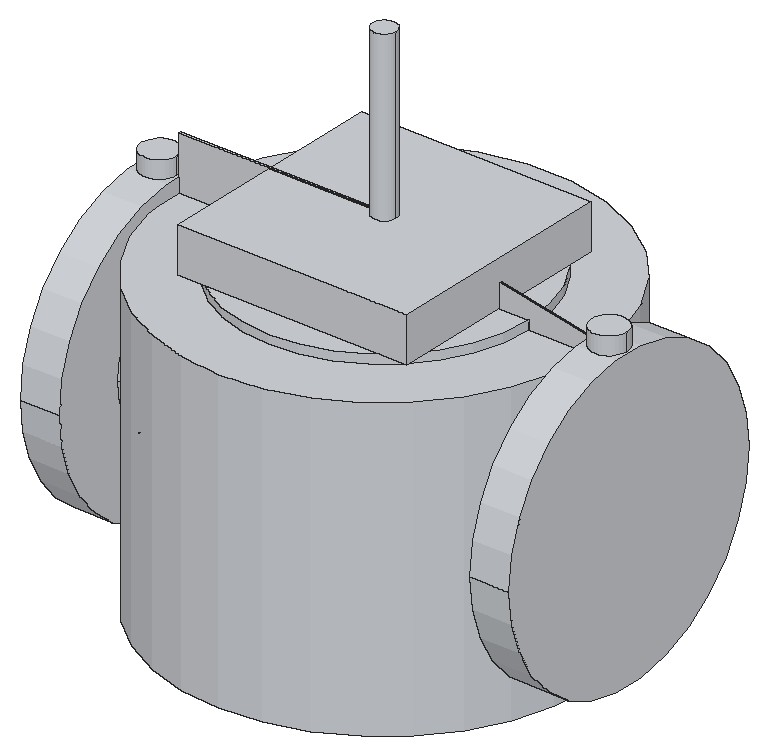
Revit family "OC-FLANGE_LF_DN300_PN16_RFA_2019", category Pipe Accessories, Revit 2019
Family settings
  Round Connector Dimension = Use Diameter
  Part Type = Valve - Breaks Into
  Work Plane-Based = No
  Always vertical = Yes
  Cut with Voids When Loaded = No
  Shared = No
Parameters (values of type "Optima Compact Flange PN16 DN300 LF")
  magiProductId = "ecb81ef8531940baa5b8b8db4f8dfa"
  magiProductFamilyId = "f0b264c0d7504b12868dd3b486e32a"
  magiPartTypeId = 304
  isMeasuringValve [instance] = no
  ang2D [instance] = 0.00°
  W2D = 50 mm
  VersionID = "2.0/2018.12.13.2/FRESE_OPT_COMP_BIG_Q13_001"
  Use Minimum Symbol Size [instance] = no
  URL = "www.hydronic.cz"
  Type Comments = "Přírubový; PN16; 0~110°C, s měřením"
  R4 = 251.65 mm
  R3 = 135.2 mm
  R1 = 359.5 mm
  QmdConnectorList = "301;D;302;D"
  Productdata [instance] = ""
  Manufacturer = "Hydronic Systems Prague s.r.o."
  MC Use Limits From Balancing Method = no
  MC Throttling Minimum Value = 0
  MC Throttling Maximum Value = 0
  MC Product Code = "53-1208 (DN300 LF; 48mm; pohon min 2500N; Qmin-dpmin 190000l/h-10.0kPa; Qmax-dpmin 475000l/h-35.0kPa; dpmax 800kPa)"
  MC Pressure Drop Minimum Value = 0.0 Pa
  MC Pressure Drop Maximum Value = 0.0 Pa
  MC Piping Given Pressure Drop [instance] = 0.0 Pa
  LF__ve = -LF  # -68 mm
  LF2 = 34 mm
  LF = 68 mm
  L4 = 399.5 mm
  L3 = 714 mm
  L2D_Min = 30.48 mm
  L2D = 230 mm
  L2 = 425 mm
  H6 = 290 mm
  H4 = 78 mm
  H3 = 15 mm
  H2 = 286 mm
  H1 = 520 mm
  H = 1132 mm
  Description = "Tlakově nezávislý 2-cestný regulační vyvažovací ventil (PICV)"
  DF2 = 260 mm
  DD = yes
  D = 300 mm
  CAT0 = yes
  AL2 = 156 mm
  ACT3W = 167 mm
  ACT3L = 92.5 mm
  ACT2L = 230 mm
  ACT2H = 311 mm
  A3WP = 112 mm
Types (2, lengths in mm): name | magiProductId | R4 | R3 | R1 | MC Product Code | LF__ve | LF2 | LF | L4 | L3 | L2 | H6 | H4 | H2 | H1 | H | DF2 | D
  Optima Compact Flange PN16 DN250 LF | "4254bd6dcc3e44f98f38d0e788b611" | 192.15 | 115.44 | 274.5 | "53-1207 (DN250 LF; 48mm; pohon min 2500N; Qmin-dpmin 190000l/h-10.0kPa; Qmax-dpmin 475000l/h-35.0kPa; dpmax 800kPa)" | -58.4 | 29.2 | 58.4 | 343.1 | 613.2 | 365 | 339.4 | 66.6 | 244.2 | 444 | 1094 | 222 | 250
  Optima Compact Flange PN16 DN300 LF | "ecb81ef8531940baa5b8b8db4f8dfa" | 251.65 | 135.2 | 359.5 | "53-1208 (DN300 LF; 48mm; pohon min 2500N; Qmin-dpmin 190000l/h-10.0kPa; Qmax-dpmin 475000l/h-35.0kPa; dpmax 800kPa)" | -68 | 34 | 68 | 399.5 | 714 | 425 | 290 | 78 | 286 | 520 | 1132 | 260 | 300
Reference planes
  plane 1 "Center (Front/Back)": y = 0
  plane 2 "XYPLANE": z = 0
  plane 3 "Center (Left/Right)": x = 0
  plane 4 "362": y = 45
  plane 5 "361": y = 55
  plane 6 "360": y = -102
  plane 7 "359": y = -112
  plane 8 "358": z = 852
  plane 9 "357": x = -87.5
  plane 10 "356": x = 87.5
  plane 11 "355": x = -92.5
  plane 12 "354": x = 92.5
  plane 13 "353": x = 35
  plane 14 "352": x = -35
  plane 15 "351": z = 627
  plane 16 "350": z = 812
  plane 17 "347": y = -25
  plane 18 "346": y = 25
  plane 19 "342": z = 328
  plane 20 "341": x = 357
  plane 21 "340": x = -357
  plane 22 "335": x = 106
  plane 23 "334": z = 759
  plane 24 "333": z = 684
  plane 25 "332": z = 689
  plane 26 "331": z = 729
  plane 27 "330": z = 561
  plane 28 "329": z = -260
  plane 29 "328": x = -45
  plane 30 "327": x = 45
  plane 31 "326": x = -49
  plane 32 "325": x = 49
  plane 33 "324": y = -20
  plane 34 "323": y = 20
  plane 35 "322": z = 869
  plane 36 "321": z = 872
  plane 37 "320": z = 581
  plane 38 "319": y = -61
  plane 39 "318": y = 73
  plane 40 "317": x = -74
  plane 41 "316": x = 156
  plane 42 "206": x = 391
  plane 43 "205": x = -391
  plane 44 "204": z = 260
  plane 45 "203": z = 327
  plane 46 "202": z = 249
  plane 47 "201": z = 234
  plane 48 "200": x = -357
  plane 49 "199": z = -286
  plane 50 "198": x = 0
  plane 51 "197": y = 0
  plane 52 "196": z = 0
  plane 53 "195": x = -425
  plane 54 "194": x = 425
  plane 55 "193": z = 617
  plane 56 "192": z = 781
Forms (mm)
  Extrusion 1, solid, visible <- "DD"
    sketch origin (750, 0, 0) x (-1, 0, 0) y (0, 0, 1)
      loop
        line (1107, 328) -> (750, 328) -> (393, 260) -> (393, -260) -> (1107, -260) -> (1107, 328)
    from 0 to 3
  Extrusion 2, solid, visible <- "CAT0"
    sketch origin (-750, 0, 260) x (1, 0, 0) y (0, 1, 0)
      loop
        circle (1141, 0) r 30.3
    from 0 to 30
  Extrusion 3, solid, visible <- "CAT0"
    sketch origin (-750, 0, 260) x (1, 0, 0) y (0, 1, 0)
      loop
        circle (359, 0) r 30.3
    from 0 to 30
  Extrusion 4, solid, visible <- "CAT0"
    sketch origin (-750, 0, 327) x (1, 0, 0) y (0, 1, 0)
      loop
        circle (750, 0) r 20
    from 0 to 290 <- "H6"
  Extrusion 5, solid, visible <- "CAT0"
    sketch origin (-750, 0, 249) x (1, 0, 0) y (0, 1, 0)
      loop
        line (949.75, 199.75) -> (550.25, 199.75) -> (550.25, -199.75) -> (949.75, -199.75) -> (949.75, 199.75)
    from 0 to 78 <- "H4"
  Extrusion 6, solid, visible <- "CAT0"
    sketch origin (-750, 0, 234) x (1, 0, 0) y (0, 1, 0)
      loop
        circle (750, 0) r 251.65
    from 0 to 15 <- "H3"
  Extrusion 7, solid, visible <- "CAT0"
    sketch origin (-357, -750, 0) x (0, 1, 0) y (0, 0, 1)
      loop
        circle (750, 0) r 135.2
    from 0 to 714 <- "L3"
  Extrusion 8, solid, visible <- "CAT0"
    sketch origin (-750, 0, -286) x (1, 0, 0) y (0, 1, 0)
      loop
        circle (750, 0) r 359.5
    from 0 to 520 <- "H1"
  Extrusion 9, solid, visible <- "CAT0"
    sketch origin (-425, -750, 0) x (0, 1, 0) y (0, 0, 1)
      loop
        circle (750, 0) r 260
    from 0 to 68 <- "LF"
  Extrusion 10, solid, visible <- "CAT0"
    sketch origin (425, -750, 0) x (0, 1, 0) y (0, 0, 1)
      loop
        circle (750, 0) r 260
    from 0 to -68 <- "LF__ve"
  Extrusion 11, solid, not visible
    sketch origin (-425, -750, 0) x (0, 1, 0) y (0, 0, 1)
      loop
        circle (750, 0) r 10
    from 0 to 10
  Extrusion 12, solid, not visible
    sketch origin (425, -750, 0) x (0, 1, 0) y (0, 0, 1)
      loop
        circle (750, 0) r 10
    from 0 to -10
Lines and regions (mm)
  reference lines, not visible
    curve 1: circle (2, 2, 0) r 1 normal (0, 0, 1)
  reference lines
    curve 2: circle (0, 0, 249) r 1 normal (0, 0, 1)
Dimensions and locks
  plane 1 "Center (Front/Back)" to curve 1 = 2 mm
  locked: plane 5 "361" to plane 4 "362" at 10
  "ACT3W": plane 7 "359" to plane 5 "361"
  locked: plane 7 "359" to plane 6 "360" at 10
  "A3WP": plane 51 "197" to plane 7 "359"
  locked: plane 36 "321" to plane 8 "358" at 20
  locked: plane 11 "355" to plane 9 "357" at 5
  locked: plane 12 "354" to plane 10 "356" at 5
  "ACT3L": plane 50 "198" to plane 11 "355"
  "ACT3L": plane 50 "198" to plane 12 "354"
  locked: plane 30 "327" to plane 13 "353" at 10
  locked: plane 29 "328" to plane 14 "352" at 10
  locked: plane 36 "321" to plane 15 "351" at 245
  locked: plane 36 "321" to plane 16 "350" at 60
  locked: plane 51 "197" to plane 17 "347" at 25
  locked: plane 51 "197" to plane 18 "346" at 25
  "LF": plane 44 "204" to plane 19 "342"
  "LF": plane 54 "194" to plane 20 "341"
  "LF": plane 53 "195" to plane 21 "340"
  locked: plane 41 "316" to plane 22 "335" at 50
  locked: plane 26 "331" to plane 23 "334" at 30
  locked: plane 35 "322" to plane 24 "333" at 185
  locked: plane 35 "322" to plane 25 "332" at 180
  locked: plane 35 "322" to plane 26 "331" at 140
  "ACT2H": plane 36 "321" to plane 27 "330"
  "DF2": plane 52 "196" to plane 28 "329"
  locked: plane 30 "327" to plane 29 "328" at 90
  locked: plane 50 "198" to plane 30 "327" at 45
  locked: plane 50 "198" to plane 31 "326" at 49
  locked: plane 50 "198" to plane 32 "325" at 49
  locked: plane 34 "323" to plane 33 "324" at 40
  locked: plane 51 "197" to plane 34 "323" at 20
  locked: plane 36 "321" to plane 35 "322" at 3
  "H": plane 28 "329" to plane 36 "321"
  locked: plane 27 "330" to plane 37 "320" at 20
  locked: plane 51 "197" to plane 38 "319" at 61
  locked: plane 51 "197" to plane 39 "318" at 73
  "ACT2L": plane 41 "316" to plane 40 "317"
  "AL2": plane 50 "198" to plane 41 "316"
  "LF2": plane 54 "194" to plane 42 "206"
  "LF2": plane 53 "195" to plane 43 "205"
  "DF2": plane 2 "XYPLANE" to plane 44 "204"
  "H4": plane 46 "202" to plane 45 "203"
  "H3": plane 47 "201" to plane 46 "202"
  "H1": plane 49 "199" to plane 47 "201"
  "LF": plane 53 "195" to plane 48 "200"
  "H2": plane 2 "XYPLANE" to plane 49 "199"
  locked: plane 3 "Center (Left/Right)" to plane 50 "198"
  locked: plane 1 "Center (Front/Back)" to plane 51 "197"
  locked: plane 2 "XYPLANE" to plane 52 "196"
  "L2": plane 3 "Center (Left/Right)" to plane 53 "195"
  "L2": plane 3 "Center (Left/Right)" to plane 54 "194"
  "H6": plane 45 "203" to plane 55 "193"
  locked: plane 55 "193" to plane 56 "192" at 164
  Extrusion 1 sketch curve to Extrusion 1 sketch curve = 0 mm  (x10)
  equal spacing: Extrusion 5 sketch curve, curve 2, Extrusion 5 sketch curve  (x2)
  "L4": Extrusion 5 sketch curve to Extrusion 5 sketch curve  (x2)
  Extrusion 5 sketch curve to Extrusion 5 sketch curve = 0 mm  (x8)
  "R4": radius of Extrusion 6 sketch curve
  "R3": radius of Extrusion 7 sketch curve
  "R1": radius of Extrusion 8 sketch curve
  "DF2": radius of Extrusion 9 sketch curve
  "DF2": radius of Extrusion 10 sketch curve
  aligned and locked: level to plane 2 "XYPLANE"
  aligned and locked: plane 21 "340" to Extrusion 1 sketch curve  (x2)
  aligned and locked: plane 19 "342" to Extrusion 1 sketch curve
  aligned and locked: plane 28 "329" to Extrusion 1 sketch curve  (x2)
  aligned and locked: plane 20 "341" to Extrusion 1 sketch curve  (x2)
  aligned and locked: plane 44 "204" to Extrusion 1 sketch curve
  aligned and locked: plane 50 "198" to Extrusion 1 sketch curve
  aligned and locked: Extrusion 1 sketch curve to plane 19 "342"
  aligned and locked: plane 42 "206" to Extrusion 2 sketch curve
  aligned and locked: plane 51 "197" to Extrusion 2 sketch curve
  aligned and locked: plane 43 "205" to Extrusion 3 sketch curve
  aligned and locked: plane 51 "197" to Extrusion 3 sketch curve
  aligned and locked: plane 50 "198" to Extrusion 4 sketch curve
  aligned and locked: plane 51 "197" to Extrusion 4 sketch curve
  aligned and locked: plane 50 "198" to curve 2
  aligned and locked: plane 51 "197" to curve 2
  aligned and locked: plane 50 "198" to Extrusion 6 sketch curve
  aligned and locked: plane 51 "197" to Extrusion 6 sketch curve
  aligned and locked: Extrusion 7 sketch curve to plane 51 "197"
  aligned and locked: plane 52 "196" to Extrusion 7 sketch curve
  aligned and locked: plane 50 "198" to Extrusion 8 sketch curve
  aligned and locked: plane 51 "197" to Extrusion 8 sketch curve
  aligned and locked: Extrusion 9 sketch curve to plane 51 "197"
  aligned and locked: plane 52 "196" to Extrusion 9 sketch curve
  aligned and locked: Extrusion 10 sketch curve to plane 51 "197"
  aligned and locked: plane 52 "196" to Extrusion 10 sketch curve
  aligned and locked: Extrusion 11 sketch curve to plane 51 "197"
  aligned and locked: plane 52 "196" to Extrusion 11 sketch curve
  aligned and locked: Extrusion 12 sketch curve to plane 51 "197"
  aligned and locked: plane 52 "196" to Extrusion 12 sketch curve
Automatic sketch dimensions
  plane 20 "341" to Extrusion 2 sketch curve = 3.7 mm
  plane 53 "195" to Extrusion 3 sketch curve = 3.7 mm
  plane 14 "352" to Extrusion 4 sketch curve = 15 mm
  plane 1 "Center (Front/Back)" to Extrusion 11 sketch curve = 10 mm
  plane 1 "Center (Front/Back)" to Extrusion 12 sketch curve = 10 mm
  plane 3 "Center (Left/Right)" to curve 1 = 2 mm
  Extrusion 5 sketch curve to plane 11 "355" = 107.25 mm
  Extrusion 5 sketch curve to plane 7 "359" = 87.75 mm
  radius of curve 2 = 1 mm
  radius of curve 1 = 1 mm
Connectors
  piping at (-425, 0, 0), diameter 300, driven by "D"
    settings: on Extrusion 11, index 1, connector inside diameter 609.6 mm, connector length 0 mm, flow factor 0, pipe flow 0.0 L/s, pressure drop 0.0 Pa, fitting loss kfactor 0, connector angle 0.00°, fixture units 0, engagement length 0 mm, angle of deflection 0.00°, flow configuration 0, flow direction 0, fitting loss method 0, system type 29, joint type 0, gender type 0, connector reference index 2, connector utility 0, adjustable connector no, is connector primary yes, connector description ""
  piping at (425, 0, 0), diameter 300, driven by "D"
    settings: on Extrusion 12, index 2, connector inside diameter 609.6 mm, connector length 0 mm, flow factor 0, pipe flow 0.0 L/s, pressure drop 0.0 Pa, fitting loss kfactor 0, connector angle 0.00°, fixture units 0, engagement length 0 mm, angle of deflection 0.00°, flow configuration 0, flow direction 0, fitting loss method 0, system type 29, joint type 0, gender type 0, connector reference index 1, connector utility 0, adjustable connector no, is connector primary no, connector description ""
